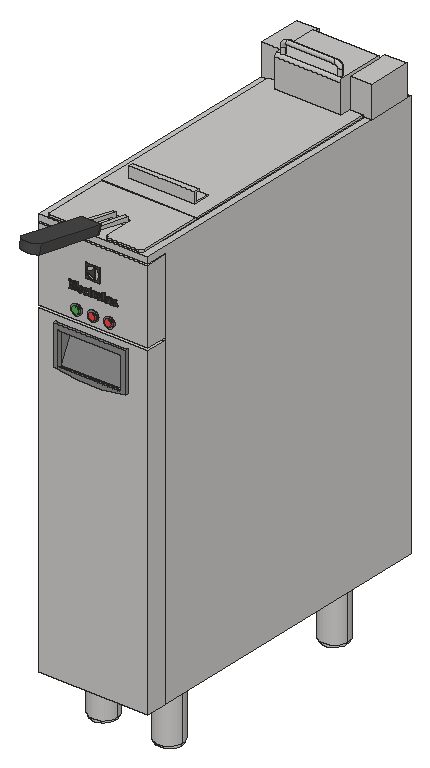
Revit family "QF_ELECTROLUXPROFESSIONAL_285562_EXFRPB1BWQ", category Specialty Equipment, Revit 2018
Family settings
  Round Connector Dimension = Use Diameter
  Part Type = Normal
  Work Plane-Based = No
  Always vertical = Yes
  Cut with Voids When Loaded = No
  Shared = No
  Room Calculation Point = No
Parameters
  Weight = 0.00 kg
  Watts = 0 W
  Volts = 240 V
  URL Manufacturer = "http://professional.electrolux.com/"
  URL = "http://professional.electrolux.com/"
  Steam Supply Size = 0"
  Steam Supply Minimum Pressure = 0.00 psi
  Steam Supply Maximum Pressure = 0.00 psi
  Steam Pounds per Hour = 0
  Show Logo [instance] = yes
  Show Clearance [instance] = yes
  Refrigeration Suction Line Size = 0"
  Refrigeration Liquid Line Size = 0"
  Refrigerant Compressor Remote = yes
  Phase = 1
  Model = "EXFRPB1BWQ"
  Manufacturer = "Electrolux"
  Length Actual = 200 mm  # constant formula
  Item Number = "285562"
  Hot Water Size = 0"
  Height Actual = 930 mm  # constant formula
  HP = "9.9 HP"
  Gas Size = 0"
  Gas KW = 0
  Gas Input Pressure = 0.0 Btu/h
  Direct Waste Size = 0"
  Description = "9LT EL.FRYER-1WELL+1BASKET+OIL PUMP"
  Depth Actual = 600 mm  # constant formula
  Cycle = 0 Hz
  Condensate Return Size = 0"
  Compressed Air Volume = 0 GPM
  Compressed Air Size = 0"
  Compressed Air Pressure = 0.00 psi
  Cold Water Size = 0"
  Accessory = yes
Reference planes
  plane 1 "BACK": y = 0
  plane 2: z = 0
  plane 3 "LEFT": x = 0
  plane 4 "RIGHT": x = 200
  plane 5 "FRONT": y = -600
  plane 6 "TOP": z = 907
  plane 7 "Center Y": x = 100
  plane 8 "Center X": y = -300
  plane 9 "TOP A": z = 850
  plane 10: z = 100
  plane 11: y = -124
  plane 12: y = -501
  plane 13: y = -943
  plane 14: x = 160
  plane 15: x = 40
  plane 16: z = 915.999
  plane 17: z = 935
  plane 18: x = 155
  plane 19: y = -781
  plane 20: y = -755
  plane 21: y = 95
  plane 22: z = 700
  plane 23: x = 40
  plane 24: z = 935
Forms (mm)
  Extrusion 1, solid, material "QF_Finishes_Stainless Steel"
    sketch origin (0, 0, 0) x (0, 1, 0) y (0, 0, 1)
      loop
        line (0, 850) -> (-600, 850) -> (-600, 838.077) -> (-560.15, 838.077) -> (-560.15, 100) -> (0, 100) -> (0, 850)
      loop
        line (-600, 695) -> (-600, 100) -> (-561.737, 100) -> (-561.737, 695) -> (-600, 695)
      loop
        line (-561.737, 700) -> (-561.737, 835) -> (-600, 835) -> (-600, 700) -> (-561.737, 700)
    from 0 to 200
  Extrusion 2, void
    sketch origin (0, 0, 850) x (-1, 0, 0) y (0, -1, 0)
      loop
        line (-10.5, 88.124) -> (-10.5, 550.573) -> (-189.691, 550.573) -> (-189.691, 88.124) -> (-10.5, 88.124)
    from 0 to -150
  Extrusion 3, solid, material "QF_Clearances", visible <- "Show Clearance", detail levels coarse
    sketch origin (0, 0, 0) x (1, 0, 0) y (0, 1, 0)
      loop
        line (0, 0) -> (200, 0) -> (200, 95) -> (0, 95) -> (0, 0)
    from 0 to 907
  Extrusion 4, solid, material "QF_Door-Drawer Clearances", visible <- "Show Clearance", detail levels coarse
    sketch origin (0, 0, 850) x (-1, 0, 0) y (0, -1, 0)
      loop
        line (-190.5, 600) -> (-9.5, 600)
        arc (-9.5, 600) -> (-62.514, 727.986) -> (-190.5, 781) r 181
        line (-190.5, 781) -> (-190.5, 600)
    from -750 to -155
  Extrusion 5, solid, material "QF_Finishes_Stainless Steel"
    sketch origin (100, -139.304, 888.806) x (0, 1, 0) y (-1, 0, 0)
      loop
        line (49.304, 100) -> (49.304, 60) -> (129.304, 60) -> (129.304, 100) -> (49.304, 100)
      loop
        line (49.304, -100) -> (129.304, -100) -> (129.304, -60) -> (49.304, -60) -> (49.304, -100)
    from -38.806 to 18.194
  Revolve 6, solid, material "QF_Finishes_Stainless Steel"
    sketch origin (0, -501, 608.09) x (0, 0, 1) y (1, 0, 0)
      loop
        line (-608.09, 40) -> (-608.09, 17.609) -> (-603.09, 17.609) -> (-603.09, 15) -> (-508.09, 15) -> (-508.09, 40) -> (-608.09, 40)
      axis (-608.09, 40) -> (-508.09, 40)
    angle from 0 to 360
  Extrusion 7, solid, material "QF_Finishes_Stainless Steel"
    sketch origin (0, 600, 100) x (-1, 0, 0) y (0, 1, 0)
      loop
        circle (-155, -650) r 6.35
    from 0 to 8
  Revolve 8, solid, material "QF_Finishes_Stainless Steel"
    sketch origin (200, -501, 608.09) x (0, 0, 1) y (1, 0, 0)
      loop
        line (-608.09, -40) -> (-508.09, -40) -> (-508.09, -15) -> (-603.09, -15) -> (-603.09, -17.609) -> (-608.09, -17.609) -> (-608.09, -40)
      axis (-608.09, -40) -> (-508.09, -40)
    angle from 0 to 360
  Revolve 9, solid, material "QF_Finishes_Stainless Steel"
    sketch origin (0, -124, 608.09) x (0, 0, 1) y (-1, 0, 0)
      loop
        line (-608.09, -40) -> (-508.09, -40) -> (-508.09, -15) -> (-603.09, -15) -> (-603.09, -17.609) -> (-608.09, -17.609) -> (-608.09, -40)
      axis (-608.09, -40) -> (-508.09, -40)
    angle from 0 to 360
  Revolve 10, solid, material "QF_Finishes_Stainless Steel"
    sketch origin (200, -124, 608.09) x (0, 0, 1) y (-1, 0, 0)
      loop
        line (-608.09, 40) -> (-608.09, 17.609) -> (-603.09, 17.609) -> (-603.09, 15) -> (-508.09, 15) -> (-508.09, 40) -> (-608.09, 40)
      axis (-608.09, 40) -> (-508.09, 40)
    angle from 0 to 360
  Extrusion 11, void
    sketch origin (0, 0, 0) x (0, 1, 0) y (0, 0, 1)
      loop
        line (-600, 615) -> (-570, 675) -> (-600, 675) -> (-600, 615)
    from 40 to 155
  Extrusion 12, solid, material "QF_Finishes_grey"
    sketch origin (0, -600, 695) x (0, 0, -1) y (1, 0, 0)
      loop
        line (20, 40) -> (80, 40) -> (80, 155) -> (20, 155) -> (20, 40)
      loop
        line (10, 32) -> (82.581, 32)
        arc (82.581, 32) -> (90.011, 97.5) -> (82.581, 163) r 292.45
        line (82.581, 163) -> (10, 163) -> (10, 32)
    from 0 to 5
  Extrusion 13, solid, material "QF_Finishes_Red"
    sketch origin (39.327, -600, 649.266) x (0, 0, 1) y (-1, 0, 0)
      loop
        circle (68.272, -60.648) r 6.35
    from 0 to 3.175
  Extrusion 14, solid, material "QF_Finishes_grey"
    sketch origin (0, -600, 700) x (0, 0, 1) y (-1, 0, 0)
      loop
        circle (17.537, -99.975) r 6.35
      loop
        circle (17.537, -99.975) r 9.35
    from 0 to 1.394
  Extrusion 15, solid, material "QF_Finishes_Red"
    sketch origin (69.327, -600, 649.266) x (0, 0, 1) y (-1, 0, 0)
      loop
        circle (68.272, -60.648) r 6.35
    from 0 to 3.175
  Extrusion 16, solid, material "QF_Finishes_grey"
    sketch origin (30, -600, 700) x (0, 0, 1) y (-1, 0, 0)
      loop
        circle (17.537, -99.975) r 6.35
      loop
        circle (17.537, -99.975) r 9.35
    from 0 to 1.394
  Extrusion 17, solid, material "QF_Finishes_Green"
    sketch origin (9.327, -600, 649.266) x (0, 0, 1) y (-1, 0, 0)
      loop
        circle (68.272, -60.648) r 6.35
    from 0 to 3.175
  Extrusion 18, solid, material "QF_Finishes_grey"
    sketch origin (-30, -600, 700) x (0, 0, 1) y (-1, 0, 0)
      loop
        circle (17.537, -99.975) r 6.35
      loop
        circle (17.537, -99.975) r 9.35
    from 0 to 1.394
  Extrusion 19, solid, material "QF_Finishes_Black", visible <- "Show Logo"
    sketch origin (-109.987, -600, 729.585) x (0, 0, 1) y (-1, 0, 0)
      loop
        arc (33.355, -167.066) -> (33.007, -166.709) -> (32.64, -167.047) r 0.358
        arc (32.64, -167.047) -> (32.326, -167.797) -> (31.609, -168.182) r 1.216
        line (31.609, -168.182) -> (21.197, -168.182)
        arc (21.197, -168.182) -> (20.537, -167.904) -> (20.141, -167.308) r 1.238
        arc (20.141, -167.308) -> (19.746, -167.057) -> (19.44, -167.411) r 0.358
        line (19.44, -167.411) -> (19.44, -177.29) -> (22.191, -177.29) -> (22.191, -176.393)
        arc (22.191, -176.393) -> (21.282, -175.813) -> (20.827, -174.836) r 1.928
        line (20.827, -174.836) -> (20.827, -172.337)
        arc (20.827, -172.337) -> (21.102, -171.608) -> (21.791, -171.244) r 1.101
        line (21.791, -171.244) -> (25.877, -171.244) -> (25.877, -174.917)
        arc (25.877, -174.917) -> (25.525, -175.414) -> (24.959, -175.642) r 1.083
        arc (24.959, -175.642) -> (24.696, -175.948) -> (24.988, -176.226) r 0.292
        line (24.988, -176.226) -> (27.95, -176.226)
        arc (27.95, -176.226) -> (28.253, -175.953) -> (28.014, -175.623) r 0.305
        arc (28.014, -175.623) -> (27.524, -175.375) -> (27.219, -174.917) r 1.083
        line (27.219, -174.917) -> (27.219, -171.244) -> (31.896, -171.244) -> (31.896, -174.991)
        arc (31.896, -174.991) -> (31.682, -175.747) -> (31.075, -176.245) r 1.314
        arc (31.075, -176.245) -> (30.856, -176.649) -> (31.211, -176.941) r 0.361
        line (31.211, -176.941) -> (33.355, -176.941) -> (33.355, -167.066)
      loop
        arc (32.638, -177.722) -> (32.257, -178.641) -> (31.339, -179.021) r 1.299
        line (31.339, -179.021) -> (21.76, -179.021)
        arc (21.76, -179.021) -> (20.922, -178.643) -> (20.65, -177.765) r 1.118
        line (20.65, -177.765) -> (19.44, -177.765) -> (19.44, -183.115) -> (20.629, -183.115)
        arc (20.629, -183.115) -> (20.9, -182.198) -> (21.77, -181.802) r 1.153
        line (21.77, -181.802) -> (33.843, -181.802) -> (32.638, -177.722)
      loop
        line (24.405, -185.751) -> (24.405, -192.198) -> (25.204, -192.198)
        arc (25.204, -192.198) -> (27.785, -191.214) -> (29.053, -188.76) r 3.874
        line (29.053, -188.76) -> (29.053, -187)
        arc (29.053, -187) -> (27.867, -184.135) -> (25.002, -182.949) r 4.051
        line (25.002, -182.949) -> (22.994, -182.949)
        arc (22.994, -182.949) -> (20.176, -184.434) -> (19.124, -187.441) r 4.352
        arc (19.124, -187.441) -> (19.489, -189.904) -> (20.866, -191.978) r 5.713
        line (20.866, -191.978) -> (21.815, -191.978)
        arc (21.815, -191.978) -> (21.082, -190.409) -> (20.866, -188.691) r 5.579
        arc (20.866, -188.691) -> (21.66, -186.728) -> (23.539, -185.751) r 3.057
        line (23.539, -185.751) -> (24.405, -185.751)
      loop
        line (25.665, -185.751) -> (25.665, -189.333)
        arc (25.665, -189.333) -> (27.121, -189.38) -> (28.004, -188.221) r 1.59
        line (28.004, -188.221) -> (28.004, -187.391)
        arc (28.004, -187.391) -> (27.14, -186.136) -> (25.665, -185.751) r 2.184
      loop
        arc (28.455, -201.616) -> (28.944, -199.942) -> (29.102, -198.205) r 9.023
        line (29.102, -198.205) -> (29.102, -196.843)
        arc (29.102, -196.843) -> (27.942, -194.043) -> (25.143, -192.883) r 3.959
        line (25.143, -192.883) -> (22.543, -192.883)
        arc (22.543, -192.883) -> (20.261, -194.176) -> (19.143, -196.548) r 4.331
        line (19.143, -196.548) -> (19.143, -198.684)
        arc (19.143, -198.684) -> (19.652, -200.234) -> (20.573, -201.58) r 5.772
        arc (20.573, -201.58) -> (21.335, -201.631) -> (21.422, -200.872) r 0.553
        arc (21.422, -200.872) -> (21.034, -200.138) -> (20.9, -199.319) r 2.573
        line (20.9, -199.319) -> (20.9, -197.804)
        arc (20.9, -197.804) -> (21.906, -196.162) -> (23.72, -195.52) r 2.884
        line (23.72, -195.52) -> (24.999, -195.52)
        arc (24.999, -195.52) -> (26.82, -196.08) -> (27.747, -197.745) r 2.554
        line (27.747, -197.745) -> (27.747, -198.798)
        arc (27.747, -198.798) -> (27.415, -199.726) -> (26.758, -200.461) r 2.564
        arc (26.758, -200.461) -> (26.537, -201.178) -> (27.146, -201.616) r 0.643
        line (27.146, -201.616) -> (28.455, -201.616)
      loop
        line (27.437, -201.886) -> (27.437, -203.387) -> (21.389, -203.387)
        arc (21.389, -203.387) -> (19.801, -204.045) -> (19.143, -205.633) r 2.246
        line (19.143, -205.633) -> (19.143, -207.217)
        arc (19.143, -207.217) -> (19.457, -208.081) -> (19.958, -208.853) r 4.06
        arc (19.958, -208.853) -> (20.69, -208.986) -> (20.942, -208.285) r 0.576
        arc (20.942, -208.285) -> (20.836, -207.759) -> (20.9, -207.227) r 1.69
        arc (20.9, -207.227) -> (21.441, -206.439) -> (22.348, -206.136) r 1.506
        line (22.348, -206.136) -> (27.486, -206.136) -> (27.486, -208.533) -> (28.042, -209.089) -> (28.864, -209.089) -> (28.864, -206.23) -> (32.095, -206.23) -> (27.437, -201.886)
      loop
        line (19.361, -209.987) -> (19.361, -215.374) -> (20.471, -215.374)
        arc (20.471, -215.374) -> (20.865, -214.423) -> (21.816, -214.029) r 1.345
        line (21.816, -214.029) -> (25.432, -214.029)
        arc (25.432, -214.029) -> (26.197, -214.621) -> (26.486, -215.543) r 1.615
        line (26.486, -215.543) -> (26.486, -217.099) -> (29.042, -217.784) -> (29.042, -216.401) -> (27.099, -213.842) -> (28.98, -213.842) -> (28.695, -211.136)
        arc (28.695, -211.136) -> (28.256, -210.606) -> (27.597, -210.807) r 0.621
        arc (27.597, -210.807) -> (27.197, -211.149) -> (26.703, -211.332) r 1.501
        line (26.703, -211.332) -> (21.816, -211.332)
        arc (21.816, -211.332) -> (20.865, -210.938) -> (20.471, -209.987) r 1.345
        line (20.471, -209.987) -> (19.361, -209.987)
      loop
        line (25.463, -217.321) -> (22.771, -217.321)
        arc (22.771, -217.321) -> (20.325, -218.629) -> (19.191, -221.159) r 4.288
        arc (19.191, -221.159) -> (19.128, -222.54) -> (19.191, -223.92) r 15.022
        arc (19.191, -223.92) -> (20.325, -226.451) -> (22.771, -227.758) r 4.288
        line (22.771, -227.758) -> (25.463, -227.758)
        arc (25.463, -227.758) -> (27.908, -226.451) -> (29.042, -223.92) r 4.288
        arc (29.042, -223.92) -> (29.106, -222.54) -> (29.042, -221.159) r 15.022
        arc (29.042, -221.159) -> (27.908, -218.629) -> (25.463, -217.321) r 4.288
      loop
        line (25.668, -220.435) -> (22.566, -220.435)
        arc (22.566, -220.435) -> (20.409, -222.592) -> (22.566, -224.749) r 2.157
        line (22.566, -224.749) -> (25.668, -224.749)
        arc (25.668, -224.749) -> (27.824, -222.592) -> (25.668, -220.435) r 2.157
      loop
        arc (32.648, -227.616) -> (32.278, -228.51) -> (31.384, -228.881) r 1.264
        line (31.384, -228.881) -> (21.52, -228.881)
        arc (21.52, -228.881) -> (20.65, -228.484) -> (20.378, -227.568) r 1.153
        line (20.378, -227.568) -> (19.44, -227.568) -> (19.44, -232.676) -> (20.369, -232.676)
        arc (20.369, -232.676) -> (20.728, -231.904) -> (21.52, -231.589) r 1.153
        line (21.52, -231.589) -> (33.843, -231.589) -> (32.648, -227.616)
      loop
        arc (27.769, -232.214) -> (27.569, -233.278) -> (26.6, -233.76) r 1.215
        line (26.6, -233.76) -> (21.58, -233.76)
        arc (21.58, -233.76) -> (19.966, -234.407) -> (19.245, -235.99) r 2.338
        line (19.245, -235.99) -> (19.245, -237.505)
        arc (19.245, -237.505) -> (19.419, -238.509) -> (19.922, -239.395) r 2.979
        line (19.922, -239.395) -> (19.44, -241.192) -> (19.44, -242.88) -> (28.866, -242.88) -> (28.572, -238.677) -> (27.786, -238.677)
        arc (27.786, -238.677) -> (27.43, -239.513) -> (26.678, -240.022) r 1.605
        line (26.678, -240.022) -> (21.575, -240.022)
        arc (21.575, -240.022) -> (21.154, -239.085) -> (21.082, -238.061) r 2.94
        arc (21.082, -238.061) -> (21.643, -236.96) -> (22.796, -236.517) r 1.724
        line (22.796, -236.517) -> (28.992, -236.517) -> (27.769, -232.214)
      loop
        line (28.797, -243.734) -> (27.125, -245.78) -> (23.951, -248.086) -> (20.494, -244.974)
        arc (20.494, -244.974) -> (20.257, -244.58) -> (20.28, -244.121) r 0.789
        line (20.28, -244.121) -> (19.44, -244.121) -> (19.44, -247.666) -> (20.267, -247.666)
        arc (20.267, -247.666) -> (20.609, -247.304) -> (21.099, -247.396) r 0.52
        line (21.099, -247.396) -> (22.899, -248.867) -> (20.781, -250.243)
        arc (20.781, -250.243) -> (20.38, -249.933) -> (20.293, -249.433) r 0.7
        line (20.293, -249.433) -> (19.44, -249.433) -> (19.44, -255.36) -> (20.327, -255.36)
        arc (20.327, -255.36) -> (20.394, -254.701) -> (20.789, -254.17) r 1.247
        line (20.789, -254.17) -> (24.989, -250.889) -> (27.436, -252.942) -> (28.797, -254.684) -> (28.797, -250.96) -> (27.312, -251.383) -> (25.79, -250.106) -> (27.491, -248.916) -> (28.797, -249.692) -> (28.797, -243.734)
      loop
        line (70.086, -213.413) -> (47.032, -213.413)
        arc (47.032, -213.413) -> (58.559, -221.935) -> (70.086, -213.413) r 12.057
      loop
        arc (70.086, -212.24) -> (67.907, -202.653) -> (59.227, -198.033) r 11.816
        line (59.227, -198.033) -> (59.227, -201.847)
        arc (59.227, -201.847) -> (61.993, -208.661) -> (68.417, -212.24) r 11.075
        line (68.417, -212.24) -> (70.086, -212.24)
      loop
        arc (48.441, -212.24) -> (54.864, -208.661) -> (57.63, -201.847) r 11.075
        line (57.63, -201.847) -> (57.63, -198.058)
        arc (57.63, -198.058) -> (49.006, -202.72) -> (46.669, -212.24) r 12.096
        line (46.669, -212.24) -> (48.441, -212.24)
      loop
        line (71.344, -197.158) -> (45.722, -197.158) -> (45.722, -222.815) -> (71.344, -222.815) -> (71.344, -197.158)
    from 0 to 1.644
  Sweep 20, solid, material "QF_Finishes_Stainless Steel"
    path origin (-1.25, 52.5, 0) x (1, 0, 0) y (0, 0, 1)
      loop
        line (51.187, 910.561) -> (51.187, 921.65)
        arc (51.187, 921.65) -> (53.047, 926.14) -> (57.537, 928) r 6.35
        line (57.537, 928) -> (145.725, 928)
        arc (145.725, 928) -> (149.508, 926.433) -> (151.075, 922.65) r 5.35
        line (151.075, 922.65) -> (151.075, 910.561)
    profile origin (49.937, 52.5, 916.105) x (-1, 0, 0) y (0, -1, 0)
      loop
        circle (2.09, 153.254) r 3.827
  Extrusion 21, solid, material "QF_Finishes_Stainless Steel"
    sketch origin (0, 65, 0) x (0, 1, 0) y (0, 0, 1)
      loop
        line (-88.124, 910.561) -> (-170, 910.561)
        arc (-170, 910.561) -> (-173.536, 909.096) -> (-175, 905.561) r 5
        line (-175, 905.561) -> (-175, 850) -> (-88.124, 850) -> (-88.124, 910.561)
    from 40 to 160
  Extrusion 22, solid, material "QF_Finishes_Mesh"
    sketch origin (178.262, -64.779, 844.25) x (-1, 0, 0) y (0, -1, 0)
      loop
        arc (123.4, 118.481) -> (141.36, 125.92) -> (148.8, 143.881) r 25.4
        line (148.8, 143.881) -> (148.8, 376.11)
        arc (148.8, 376.11) -> (141.36, 394.071) -> (123.4, 401.51) r 25.4
        line (123.4, 401.51) -> (33.125, 401.51)
        arc (33.125, 401.51) -> (15.164, 394.071) -> (7.725, 376.11) r 25.4
        line (7.725, 376.11) -> (7.725, 143.881)
        arc (7.725, 143.881) -> (15.164, 125.92) -> (33.125, 118.481) r 25.4
        line (33.125, 118.481) -> (123.4, 118.481)
      loop
        arc (123.4, 121.656) -> (139.115, 128.165) -> (145.625, 143.881) r 22.225
        line (145.625, 143.881) -> (145.625, 376.11)
        arc (145.625, 376.11) -> (139.115, 391.826) -> (123.4, 398.335) r 22.225
        line (123.4, 398.335) -> (33.125, 398.335)
        arc (33.125, 398.335) -> (17.409, 391.826) -> (10.9, 376.11) r 22.225
        line (10.9, 376.11) -> (10.9, 143.881)
        arc (10.9, 143.881) -> (17.409, 128.165) -> (33.125, 121.656) r 22.225
        line (33.125, 121.656) -> (123.4, 121.656)
    from -109 to -5.315
  Extrusion 23, solid, material "QF_Finishes_Black"
    sketch origin (234.175, -818.725, 918.681) x (0, 0.980628, -0.195878) y (-1, 0, 0)
      loop
        arc (79.035, 152.655) -> (68.808, 134.038) -> (79.035, 115.42) r 22.059
        line (79.035, 115.42) -> (214.834, 115.42)
        arc (214.834, 115.42) -> (217.308, 116.446) -> (218.334, 118.92) r 3.5
        line (218.334, 118.92) -> (218.334, 149.146)
        arc (218.334, 149.146) -> (217.306, 151.628) -> (214.824, 152.655) r 3.509
        line (214.824, 152.655) -> (79.035, 152.655)
    from -15.884 to 0
  Extrusion 24, solid, material "QF_Finishes_Stainless Steel"
    sketch origin (0, 0, 850) x (0, -1, 0) y (1, 0, 0)
      loop
        arc (90, 18.5) -> (91.464, 14.964) -> (95, 13.5) r 5
        line (95, 13.5) -> (472, 13.5) -> (472, 186.691) -> (95, 186.691)
        arc (95, 186.691) -> (91.464, 185.227) -> (90, 181.691) r 5
        line (90, 181.691) -> (90, 165)
        arc (90, 165) -> (91.464, 161.464) -> (95, 160) r 5
        line (95, 160) -> (110, 160) -> (110, 40) -> (95, 40)
        arc (95, 40) -> (91.464, 38.536) -> (90, 35) r 5
        line (90, 35) -> (90, 18.5)
      loop
        line (473, 186.691) -> (473, 13.5) -> (592, 13.5)
        arc (592, 13.5) -> (595.536, 14.964) -> (597, 18.5) r 5
        line (597, 18.5) -> (597, 75.55)
        arc (597, 75.55) -> (595.536, 79.086) -> (592, 80.55) r 5
        line (592, 80.55) -> (543.238, 80.55)
        arc (543.238, 80.55) -> (539.703, 82.014) -> (538.238, 85.55) r 5
        line (538.238, 85.55) -> (538.238, 114.641)
        arc (538.238, 114.641) -> (539.703, 118.177) -> (543.238, 119.641) r 5
        line (543.238, 119.641) -> (592, 119.641)
        arc (592, 119.641) -> (595.536, 121.106) -> (597, 124.641) r 5
        line (597, 124.641) -> (597, 181.691)
        arc (597, 181.691) -> (595.536, 185.227) -> (592, 186.691) r 5
        line (592, 186.691) -> (473, 186.691)
    from 0 to 3
  Extrusion 25, solid, material "QF_Finishes_Stainless Steel"
    sketch origin (166.074, -30.154, 119.93) x (0, 0.984808, 0.173648) y (0, -0.173648, 0.984808)
      loop
        line (-380.327, 769.003) -> (-372.194, 815.127) -> (-436.107, 840.041) -> (-438.413, 834.124) -> (-379.351, 811.102) -> (-387.692, 763.803) -> (-308.907, 749.911) -> (-307.796, 756.214) -> (-380.327, 769.003)
    from -80.476 to -74.619
  Extrusion 26, solid, material "QF_Finishes_Stainless Steel"
    sketch origin (34.2, -30.154, 119.93) x (0, 0.984808, 0.173648) y (0, 0.173648, -0.984808)
      loop
        line (-372.194, -815.127) -> (-380.327, -769.003) -> (-307.796, -756.214) -> (-308.907, -749.911) -> (-387.692, -763.803) -> (-379.351, -811.102) -> (-438.413, -834.124) -> (-436.107, -840.041) -> (-372.194, -815.127)
    from -80.476 to -74.619
  Extrusion 27, solid, material "QF_Finishes_Stainless Steel"
    sketch origin (13.5, -88.124, 850) x (0, -1, 0) y (0, 0, 1)
      loop
        line (354.876, 3) -> (354.876, 23) -> (346.126, 23) -> (346.126, 20) -> (351.876, 20) -> (351.876, 5) -> (324.876, 5) -> (324.876, 3) -> (354.876, 3)
    from -26.5 to -146.5
Cuts and joins
  Extrusion 2, Extrusion 11 cuts Extrusion 1
  Extrusion 11 cuts Extrusion 4
Lines and regions (mm)
  symbolic lines, style "QF_Clearances", visible <- "Show Clearance", detail levels coarse
    curve 1: line (200, 95, 850) -> (0, 95, 850)
  symbolic lines
    curve 2: line (0, -600, 850) -> (0, 0, 850)
    curve 3: line (190.5, -90, 850) -> (190.5, -600, 850)
    curve 4: line (11.548, -90, 850) -> (11.548, -597, 850)
    curve 5: line (11.548, -597, 850) -> (75.55, -597, 850)
    curve 6: line (124.641, -597, 850) -> (188.452, -597, 850)
    curve 7: line (188.452, -597, 850) -> (188.452, -90, 850)
    curve 8: line (200, -90, 850) -> (160, -90, 850)
    curve 9: line (200, -600, 850) -> (0, -600, 850)
    curve 11: line (40, -23.124, 850) -> (40, -110, 850)
    curve 12: line (40, -110, 850) -> (160, -110, 850)
    curve 13: line (160, -110, 850) -> (160, -23.124, 850)
    curve 14: line (40, -23.124, 850) -> (160, -23.124, 850)
    curve 15: line (40, -88.124, 850) -> (160, -88.124, 850)
    curve 16: line (40, -90, 850) -> (0, -90, 850)
    curve 17: line (0, 0, 850) -> (200, 0, 850)
    curve 19: line (47.824, -96.927, 850) -> (151.941, -96.927, 850)
    curve 20: line (151.941, -104.585, 850) -> (47.824, -104.585, 850)
    curve 21: arc (151.941, -96.927, 850) -> (155.77, -100.756, 850) -> (151.941, -104.585, 850) r 3.829
    curve 22: arc (47.824, -96.927, 850) -> (43.995, -100.756, 850) -> (47.824, -104.585, 850) r 3.829
    curve 23: line (40, -23.124, 0) -> (40, -10, 0)
    curve 24: line (40, -10, 0) -> (0, -10, 0)
    curve 25: line (0, -10, 0) -> (0, -90, 0)
    curve 26: line (160, -23.124, 0) -> (160, -10, 0)
    curve 27: line (160, -10, 0) -> (200, -10, 0)
    curve 28: line (200, 0, 0) -> (200, -600, 0)
    curve 29: arc (119.641, -592, 0) -> (121.106, -595.536, 0) -> (124.641, -597, 0) r 5
    curve 30: line (119.641, -543.238, 0) -> (119.641, -592, 0)
    curve 31: arc (114.641, -538.238, 0) -> (118.177, -539.703, 0) -> (119.641, -543.238, 0) r 5
    curve 32: line (85.55, -538.238, 0) -> (114.641, -538.238, 0)
    curve 33: arc (80.55, -543.238, 0) -> (82.014, -539.703, 0) -> (85.55, -538.238, 0) r 5
    curve 34: line (80.55, -592, 0) -> (80.55, -543.238, 0)
    curve 35: arc (75.55, -597, 0) -> (79.086, -595.536, 0) -> (80.55, -592, 0) r 5
    curve 36: line (81.52, -608.062, 0) -> (81.52, -744.332, 0)
    curve 37: spline (85.029, -604.621, 0) -> (84.571, -604.65, 0) -> (84.121, -604.738, 0) -> (83.686, -604.883, 0) -> (83.274, -605.082, 0) -> (82.893, -605.332, 0) -> (82.547, -605.628, 0) -> (82.245, -605.967, 0) -> (81.99, -606.341, 0) -> (81.787, -606.745, 0) -> (81.639, -607.171, 0) -> (81.55, -607.613, 0) -> (81.52, -608.062, 0)
    curve 38: line (115.255, -604.621, 0) -> (85.029, -604.621, 0)
    curve 39: spline (118.755, -608.053, 0) -> (118.725, -607.605, 0) -> (118.635, -607.164, 0) -> (118.488, -606.739, 0) -> (118.286, -606.337, 0) -> (118.031, -605.963, 0) -> (117.729, -605.626, 0) -> (117.385, -605.33, 0) -> (117.005, -605.08, 0) -> (116.594, -604.882, 0) -> (116.16, -604.738, 0) -> (115.711, -604.65, 0) -> (115.255, -604.621, 0)
    curve 40: line (118.755, -744.332, 0) -> (118.755, -608.053, 0)
    curve 41: spline (118.755, -744.332, 0) -> (116.522, -747.213, 0) -> (113.832, -749.688, 0) -> (110.758, -751.689, 0) -> (107.387, -753.16, 0) -> (103.814, -754.059, 0) -> (100.137, -754.361, 0) -> (96.461, -754.059, 0) -> (92.887, -753.16, 0) -> (89.516, -751.689, 0) -> (86.443, -749.688, 0) -> (83.752, -747.213, 0) -> (81.52, -744.332, 0)
    curve 42: line (13.5, -592, 0) -> (13.5, -473, 0)
    curve 43: line (13.5, -473, 0) -> (186.691, -473, 0)
    curve 44: line (186.691, -473, 0) -> (186.691, -592, 0)
    curve 45: arc (181.691, -597, 0) -> (185.227, -595.536, 0) -> (186.691, -592, 0) r 5
    curve 46: arc (13.5, -592, 0) -> (14.964, -595.536, 0) -> (18.5, -597, 0) r 5
    curve 47: line (13.5, -472, 0) -> (186.691, -472, 0)
    curve 48: line (186.691, -472, 0) -> (186.691, -95, 0)
    curve 49: line (13.5, -95, 0) -> (13.5, -472, 0)
    curve 50: arc (40, -95, 0) -> (38.536, -91.464, 0) -> (35, -90, 0) r 5
    curve 51: arc (18.5, -90, 0) -> (14.964, -91.464, 0) -> (13.5, -95, 0) r 5
    curve 52: arc (165, -90, 0) -> (161.464, -91.464, 0) -> (160, -95, 0) r 5
    curve 53: arc (186.691, -95, 0) -> (185.227, -91.464, 0) -> (181.691, -90, 0) r 5
    curve 54: line (63.625, -600, 0) -> (63.625, -603.175, 0)
    curve 55: line (63.625, -603.175, 0) -> (76.325, -603.175, 0)
    curve 56: line (76.325, -603.175, 0) -> (76.325, -600, 0)
    curve 57: line (106.325, -603.175, 0) -> (106.325, -600, 0)
    curve 58: line (106.325, -603.175, 0) -> (93.625, -603.175, 0)
    curve 59: line (91.456, -538.238, 0) -> (91.456, -604.621, 0)
    curve 60: line (108.819, -538.238, 0) -> (108.819, -604.621, 0)
    curve 61: line (114.676, -538.238, 0) -> (114.676, -604.621, 0)
    curve 62: line (85.599, -538.238, 0) -> (85.599, -604.621, 0)
    curve 63: line (93.625, -603.175, 0) -> (93.625, -600, 0)
    curve 64: line (136.325, -603.175, 0) -> (123.625, -603.175, 0)
    curve 65: line (123.625, -603.175, 0) -> (123.625, -600, 0)
    curve 66: line (136.325, -603.175, 0) -> (136.325, -600, 0)
    curve 67: line (45, -413, 0) -> (155, -413, 0)
    curve 68: line (40, -443, 0) -> (40, -418, 0)
    curve 69: line (160, -443, 0) -> (40, -443, 0)
    curve 70: line (160, -418, 0) -> (160, -443, 0)
    curve 71: line (45, -434.25, 0) -> (155, -434.25, 0)
    curve 72: arc (40, -418, 0) -> (41.464, -414.464, 0) -> (45, -413, 0) r 5
    curve 73: arc (155, -413, 0) -> (158.536, -414.464, 0) -> (160, -418, 0) r 5
    curve 74: arc (40, -439.25, 0) -> (41.464, -435.714, 0) -> (45, -434.25, 0) r 5
    curve 75: arc (160, -439.25, 0) -> (158.536, -435.714, 0) -> (155, -434.25, 0) r 5
  symbolic lines, style "QF_Door-Drawer Clearances"
    curve 10: line (190.5, -781, 850) -> (190.5, -600, 850)
    curve 18: arc (9.5, -600, 0) -> (62.514, -727.986, 0) -> (190.5, -781, 0) r 181
Dimensions and locks
  equal spacing: plane 3 "LEFT", plane 7 "Center Y", plane 4 "RIGHT"
  plane 3 "LEFT" to plane 4 "RIGHT" = 200 mm
  equal spacing: plane 5 "FRONT", plane 8 "Center X", plane 1 "BACK"
  plane 5 "FRONT" to plane 1 "BACK" = 600 mm  (x2)
  plane 1 "BACK" to plane 5 "FRONT" = 600 mm
  plane 10 to level = 100 mm  (x2)
  plane 1 "BACK" to plane 11 = 124 mm
  plane 11 to plane 12 = 377 mm
  locked: plane 12 to cut or joined group of Extrusion 1, Extrusion 2, Extrusion 11 at 99
  locked: plane 13 to plane 5 "FRONT" at 343
  plane 4 "RIGHT" to plane 14 = 40 mm
  plane 15 to plane 3 "LEFT" = 40 mm
  plane 16 to plane 9 "TOP A" = 65.999 mm
  plane 9 "TOP A" to plane 17 = 85 mm
  plane 4 "RIGHT" to plane 3 "LEFT" = 200 mm
  plane 9 "TOP A" to plane 10 = 750 mm
  plane 6 "TOP" to level = 907 mm
  Extrusion 7 sketch curve to plane 1 "BACK" = 50 mm
  Extrusion 7 sketch curve to plane 4 "RIGHT" = 45 mm
  plane 10 to Extrusion 7 = 8 mm  (x2)
  plane 18 to plane 4 "RIGHT" = 45 mm
  plane 1 "BACK" to Extrusion 7 = 50 mm
  plane 5 "FRONT" to plane 19 = 181 mm
  plane 5 "FRONT" to plane 20 = 155 mm
  curve 1 to plane 1 "BACK" = 95 mm
  plane 9 "TOP A" to Extrusion 3 = 850 mm
  Revolve 6 sketch curve to Revolve 6 sketch curve = 25 mm
  Revolve 8 sketch curve to Revolve 8 sketch curve = 25 mm
  Revolve 9 sketch curve to Revolve 9 sketch curve = 25 mm
  Revolve 10 sketch curve to Revolve 10 sketch curve = 25 mm
  plane 1 "BACK" to plane 20 = 755 mm
  aligned and locked: level to plane 2
  aligned and locked: plane 4 "RIGHT" to Extrusion 1
  aligned and locked: plane 6 "TOP" to Extrusion 3
  aligned and locked: plane 6 "TOP" to Extrusion 5
  aligned and locked: plane 12 to Revolve 6
  aligned and locked: Extrusion 3 sketch curve to plane 21
  aligned and locked: Extrusion 3 to plane 3 "LEFT"
  aligned and locked: plane 4 "RIGHT" to Extrusion 3
  aligned and locked: Extrusion 2 to Extrusion 1
  aligned and locked: cut or joined group of Extrusion 1, Extrusion 2, Extrusion 11 to Extrusion 4
  aligned and locked: plane 15 to Revolve 6 sketch curve
  aligned and locked: Extrusion 11 sketch curve to plane 5 "FRONT"
  aligned and locked: Extrusion 5 sketch curve to Extrusion 5 sketch curve  (x2)
Automatic sketch dimensions
  Revolve 6 sketch curve to level = 0 mm
  Revolve 6 sketch curve to plane 10 = 0 mm  (x2)
  plane 15 to Revolve 6 sketch curve = 0 mm
  level to Revolve 6 sketch curve = 5 mm
  Revolve 6 sketch curve to Revolve 6 sketch curve = 2.609 mm
  plane 10 to Revolve 6 sketch curve = 20 mm
  Revolve 8 sketch curve to level = 0 mm
  Revolve 8 sketch curve to plane 10 = 0 mm  (x2)
  plane 14 to Revolve 8 sketch curve = 0 mm  (x2)
  level to Revolve 8 sketch curve = 5 mm
  Revolve 8 sketch curve to Revolve 8 sketch curve = 2.609 mm
  plane 10 to Revolve 8 sketch curve = 20 mm
  Revolve 9 sketch curve to level = 0 mm
  Revolve 9 sketch curve to plane 10 = 0 mm  (x2)
  Revolve 9 sketch curve to plane 15 = 0 mm  (x2)
  level to Revolve 9 sketch curve = 5 mm
  Revolve 9 sketch curve to Revolve 9 sketch curve = 2.609 mm
  plane 10 to Revolve 9 sketch curve = 20 mm
  Revolve 10 sketch curve to level = 0 mm
  Revolve 10 sketch curve to plane 10 = 0 mm  (x2)
  Revolve 10 sketch curve to plane 14 = 0 mm  (x2)
  level to Revolve 10 sketch curve = 5 mm
  Revolve 10 sketch curve to Revolve 10 sketch curve = 2.609 mm
  plane 10 to Revolve 10 sketch curve = 20 mm
  plane 9 "TOP A" to Sweep 20 sketch curve = 60.561 mm  (x2)
  plane 16 to Sweep 20 sketch curve = 5.651 mm
  plane 15 to Sweep 20 sketch curve = 9.937 mm
  plane 17 to Sweep 20 sketch curve = 7 mm
  plane 18 to Sweep 20 sketch curve = 10.525 mm
  plane 18 to Sweep 20 sketch curve = 5.175 mm
  Sweep 20 sketch curve to profile plane = 2.09 mm
  profile plane to Sweep 20 sketch curve = 153.254 mm
  Extrusion 23 sketch curve to plane 7 "Center Y" = 18.48 mm
  Extrusion 23 sketch curve to Extrusion 23 sketch curve = 0 mm
  plane 7 "Center Y" to Extrusion 23 sketch curve = 0.137 mm
  Extrusion 23 sketch curve to Extrusion 23 sketch curve = 11.832 mm
  Extrusion 23 sketch curve to plane 7 "Center Y" = 14.971 mm
  Extrusion 23 sketch curve to Extrusion 23 sketch curve = 123.958 mm
  Extrusion 23 sketch curve to Extrusion 23 sketch curve = 3.5 mm
  Extrusion 1 sketch curve to plane 5 "FRONT" = 0 mm  (x3)
  Extrusion 1 sketch curve to plane 22 = 0 mm
  Extrusion 1 sketch curve to plane 10 = 0 mm  (x2)
  Extrusion 1 sketch curve to plane 1 "BACK" = 0 mm
  Extrusion 1 sketch curve to plane 9 "TOP A" = 0 mm
  Extrusion 1 sketch curve to plane 9 "TOP A" = 15 mm
  Extrusion 1 sketch curve to plane 5 "FRONT" = 38.263 mm
  Extrusion 1 sketch curve to Extrusion 1 sketch curve = 0 mm
  Extrusion 1 sketch curve to Extrusion 1 sketch curve = 1.588 mm
  Extrusion 1 sketch curve to plane 22 = 5 mm
  Extrusion 1 sketch curve to Extrusion 1 sketch curve = 3.077 mm
  Extrusion 2 sketch curve to plane 4 "RIGHT" = 10.309 mm
  plane 3 "LEFT" to Extrusion 2 sketch curve = 10.5 mm
  Extrusion 2 sketch curve to plane 11 = 35.876 mm
  Extrusion 2 sketch curve to plane 5 "FRONT" = 49.427 mm
  Extrusion 3 sketch curve to plane 3 "LEFT" = 0 mm
  Extrusion 3 sketch curve to plane 4 "RIGHT" = 0 mm
  plane 1 "BACK" to Extrusion 3 sketch curve = 0 mm
  Extrusion 4 sketch curve to plane 19 = 0 mm
  plane 5 "FRONT" to Extrusion 4 sketch curve = 0 mm
  Extrusion 4 sketch curve to plane 4 "RIGHT" = 9.5 mm
  Extrusion 5 sketch curve to plane 3 "LEFT" = 0 mm
  Extrusion 5 sketch curve to plane 14 = 0 mm
  Extrusion 5 sketch curve to plane 15 = 0 mm
  Extrusion 5 sketch curve to plane 4 "RIGHT" = 0 mm
  Extrusion 5 sketch curve to plane 11 = 34 mm
  plane 1 "BACK" to Extrusion 5 sketch curve = 10 mm
  Extrusion 1 to Extrusion 11 sketch curve = 8.263 mm
  Extrusion 1 to Extrusion 11 sketch curve = 80 mm
  Extrusion 1 to Extrusion 11 sketch curve = 20 mm
  Extrusion 1 to Extrusion 12 sketch curve = 97.5 mm
  Extrusion 12 sketch curve to Extrusion 1 = 202.439 mm
  Extrusion 1 to Extrusion 12 sketch curve = 10 mm
  Extrusion 12 sketch curve to Extrusion 12 sketch curve = 10 mm
  Extrusion 12 sketch curve to Extrusion 12 sketch curve = 60 mm
  Extrusion 12 sketch curve to Extrusion 12 sketch curve = 2.581 mm  (x2)
  Extrusion 1 to Extrusion 12 sketch curve = 40 mm
  Extrusion 12 sketch curve to Extrusion 12 sketch curve = 8 mm  (x2)
  Extrusion 13 sketch curve to plane 7 "Center Y" = 0.025 mm
  plane 22 to Extrusion 13 sketch curve = 17.537 mm
  Extrusion 14 sketch curve to Extrusion 14 sketch curve = 0 mm  (x12)
  Extrusion 1 to Extrusion 14 sketch curve = 17.537 mm
  Extrusion 1 to Extrusion 14 sketch curve = 99.975 mm
  Extrusion 14 sketch curve to Extrusion 14 sketch curve = 6.35 mm
  Extrusion 14 sketch curve to Extrusion 14 sketch curve = 3 mm
  plane 22 to Extrusion 15 sketch curve = 17.537 mm
  plane 18 to Extrusion 15 sketch curve = 25.025 mm
  Extrusion 16 sketch curve to Extrusion 16 sketch curve = 0 mm  (x12)
  Extrusion 1 to Extrusion 16 sketch curve = 17.537 mm
  Extrusion 1 to Extrusion 16 sketch curve = 70.025 mm
  Extrusion 16 sketch curve to Extrusion 16 sketch curve = 6.35 mm
  Extrusion 16 sketch curve to Extrusion 16 sketch curve = 3 mm
  plane 22 to Extrusion 17 sketch curve = 17.537 mm
  plane 15 to Extrusion 17 sketch curve = 29.975 mm
  Extrusion 18 sketch curve to Extrusion 18 sketch curve = 0 mm  (x12)
  Extrusion 1 to Extrusion 18 sketch curve = 17.537 mm
  Extrusion 1 to Extrusion 18 sketch curve = 69.975 mm
  Extrusion 18 sketch curve to Extrusion 18 sketch curve = 6.35 mm
  Extrusion 18 sketch curve to Extrusion 18 sketch curve = 3 mm
  Extrusion 19 sketch curve to plane 7 "Center Y" = 0 mm
  plane 7 "Center Y" to Extrusion 19 sketch curve = 12.553 mm
  plane 22 to Extrusion 19 sketch curve = 43.669 mm
  Extrusion 19 sketch curve to plane 7 "Center Y" = 4.354 mm
  Extrusion 19 sketch curve to Extrusion 19 sketch curve = 5.06 mm
  Extrusion 19 sketch curve to Extrusion 19 sketch curve = 0 mm  (x17)
  Extrusion 19 sketch curve to Extrusion 19 sketch curve = 5.162 mm
  Extrusion 19 sketch curve to Extrusion 19 sketch curve = 0.218 mm
  Extrusion 19 sketch curve to Extrusion 19 sketch curve = 0.195 mm
  Extrusion 19 sketch curve to Extrusion 19 sketch curve = 0.297 mm
  Extrusion 19 sketch curve to Extrusion 19 sketch curve = 5.357 mm
  Extrusion 19 sketch curve to Extrusion 19 sketch curve = 0.358 mm
  plane 18 to Extrusion 19 sketch curve = 25.592 mm
  Extrusion 19 sketch curve to Extrusion 19 sketch curve = 0.481 mm
  Extrusion 19 sketch curve to Extrusion 19 sketch curve = 0.936 mm
  Extrusion 19 sketch curve to Extrusion 19 sketch curve = 0.826 mm
  Extrusion 19 sketch curve to Extrusion 19 sketch curve = 0.839 mm
  Extrusion 19 sketch curve to Extrusion 19 sketch curve = 0.852 mm
  Extrusion 19 sketch curve to Extrusion 19 sketch curve = 0.887 mm
  Extrusion 19 sketch curve to Extrusion 19 sketch curve = 0.928 mm
  Extrusion 19 sketch curve to Extrusion 19 sketch curve = 0.938 mm
  Extrusion 19 sketch curve to Extrusion 19 sketch curve = 1.259 mm
  Extrusion 19 sketch curve to Extrusion 19 sketch curve = 1.11 mm  (x3)
  plane 18 to Extrusion 19 sketch curve = 20.013 mm
  Extrusion 19 sketch curve to Extrusion 19 sketch curve = 0.215 mm
  Extrusion 19 sketch curve to Extrusion 19 sketch curve = 1.188 mm
  Extrusion 19 sketch curve to Extrusion 19 sketch curve = 1.21 mm  (x2)
  Extrusion 19 sketch curve to Extrusion 19 sketch curve = 0.503 mm
  plane 18 to Extrusion 19 sketch curve = 14.744 mm
  Extrusion 19 sketch curve to Extrusion 19 sketch curve = 0.488 mm
  plane 18 to Extrusion 19 sketch curve = 10.817 mm
  Extrusion 19 sketch curve to Extrusion 19 sketch curve = 0.462 mm
  Extrusion 19 sketch curve to Extrusion 19 sketch curve = 1.029 mm
  Extrusion 19 sketch curve to Extrusion 19 sketch curve = 1.723 mm
  Extrusion 19 sketch curve to Extrusion 19 sketch curve = 0.821 mm
  Extrusion 19 sketch curve to Extrusion 19 sketch curve = 0.199 mm
  Extrusion 19 sketch curve to Extrusion 19 sketch curve = 0.081 mm
  Extrusion 19 sketch curve to Extrusion 19 sketch curve = 0.743 mm
  plane 18 to Extrusion 19 sketch curve = 17.591 mm
  Extrusion 19 sketch curve to Extrusion 19 sketch curve = 0.329 mm
  Extrusion 19 sketch curve to Extrusion 19 sketch curve = 1.398 mm
  Extrusion 19 sketch curve to Extrusion 19 sketch curve = 0.129 mm
  Extrusion 19 sketch curve to Extrusion 19 sketch curve = 0.408 mm
  Extrusion 19 sketch curve to Extrusion 19 sketch curve = 1.141 mm  (x2)
  Extrusion 19 sketch curve to Extrusion 19 sketch curve = 1.151 mm
  Extrusion 19 sketch curve to Extrusion 19 sketch curve = 0.768 mm
  Extrusion 19 sketch curve to Extrusion 19 sketch curve = 1.653 mm
  Extrusion 19 sketch curve to Extrusion 19 sketch curve = 0.061 mm
  Extrusion 19 sketch curve to Extrusion 19 sketch curve = 0.964 mm
  Extrusion 19 sketch curve to Extrusion 19 sketch curve = 0.949 mm
  Extrusion 19 sketch curve to Extrusion 19 sketch curve = 1.345 mm  (x2)
  plane 7 "Center Y" to Extrusion 19 sketch curve = 1.345 mm
  Extrusion 19 sketch curve to Extrusion 19 sketch curve = 1.101 mm
  Extrusion 19 sketch curve to Extrusion 19 sketch curve = 0.432 mm
  Extrusion 19 sketch curve to Extrusion 19 sketch curve = 0.643 mm  (x2)
  Extrusion 19 sketch curve to Extrusion 19 sketch curve = 0.959 mm
  Extrusion 19 sketch curve to Extrusion 19 sketch curve = 0.176 mm
  Extrusion 19 sketch curve to Extrusion 19 sketch curve = 0.728 mm
  Extrusion 19 sketch curve to Extrusion 19 sketch curve = 1.046 mm
  Extrusion 19 sketch curve to Extrusion 19 sketch curve = 0.541 mm
  Extrusion 19 sketch curve to Extrusion 19 sketch curve = 1.251 mm
  Extrusion 19 sketch curve to Extrusion 19 sketch curve = 0.955 mm
  Extrusion 19 sketch curve to Extrusion 19 sketch curve = 0.572 mm
  plane 18 to Extrusion 19 sketch curve = 16.12 mm
  Extrusion 19 sketch curve to Extrusion 19 sketch curve = 1.92 mm
  Extrusion 19 sketch curve to Extrusion 19 sketch curve = 1.224 mm
  Extrusion 19 sketch curve to Extrusion 19 sketch curve = 0.745 mm
  Extrusion 19 sketch curve to Extrusion 19 sketch curve = 2.537 mm
  Extrusion 19 sketch curve to Extrusion 19 sketch curve = 0.896 mm  (x3)
  Extrusion 19 sketch curve to Extrusion 19 sketch curve = 0.036 mm  (x2)
  Extrusion 19 sketch curve to Extrusion 19 sketch curve = 0.479 mm
  Extrusion 19 sketch curve to Extrusion 19 sketch curve = 0.066 mm
  Extrusion 19 sketch curve to Extrusion 19 sketch curve = 0.248 mm
  Extrusion 19 sketch curve to Extrusion 19 sketch curve = 0.449 mm
  plane 18 to Extrusion 19 sketch curve = 16.901 mm
  Extrusion 19 sketch curve to Extrusion 19 sketch curve = 1.052 mm
  Extrusion 19 sketch curve to Extrusion 19 sketch curve = 0.866 mm
  Extrusion 19 sketch curve to Extrusion 19 sketch curve = 1.31 mm  (x2)
  Extrusion 19 sketch curve to Extrusion 19 sketch curve = 0.901 mm
  Extrusion 19 sketch curve to Extrusion 19 sketch curve = 1.107 mm
  Extrusion 19 sketch curve to Extrusion 19 sketch curve = 2.122 mm
  Extrusion 19 sketch curve to Extrusion 19 sketch curve = 2.101 mm
  Extrusion 19 sketch curve to Extrusion 19 sketch curve = 0.134 mm
  plane 18 to Extrusion 19 sketch curve = 14.098 mm
  Extrusion 19 sketch curve to Extrusion 19 sketch curve = 2.09 mm
  Extrusion 19 sketch curve to Extrusion 19 sketch curve = 1.279 mm
  Extrusion 19 sketch curve to Extrusion 19 sketch curve = 0.18 mm
  Extrusion 19 sketch curve to Extrusion 19 sketch curve = 0.316 mm
  Extrusion 19 sketch curve to Extrusion 19 sketch curve = 0.382 mm
  Extrusion 19 sketch curve to Extrusion 19 sketch curve = 0.384 mm
  Extrusion 19 sketch curve to Extrusion 19 sketch curve = 0.002 mm
  Extrusion 19 sketch curve to Extrusion 19 sketch curve = 0.561 mm
  Extrusion 19 sketch curve to Extrusion 19 sketch curve = 0.592 mm
  Extrusion 19 sketch curve to Extrusion 19 sketch curve = 2.692 mm
  Extrusion 19 sketch curve to Extrusion 19 sketch curve = 0.46 mm
  plane 18 to Extrusion 19 sketch curve = 14.881 mm
  Extrusion 19 sketch curve to Extrusion 19 sketch curve = 0.802 mm
  Extrusion 19 sketch curve to Extrusion 19 sketch curve = 1.024 mm  (x2)
  Extrusion 19 sketch curve to Extrusion 19 sketch curve = 0.682 mm
  Extrusion 19 sketch curve to Extrusion 19 sketch curve = 2.186 mm
  Extrusion 19 sketch curve to plane 7 "Center Y" = 0.132 mm
  Extrusion 19 sketch curve to Extrusion 19 sketch curve = 1.005 mm
  Extrusion 19 sketch curve to Extrusion 19 sketch curve = 0.552 mm
  Extrusion 19 sketch curve to Extrusion 19 sketch curve = 0.778 mm
  Extrusion 19 sketch curve to Extrusion 19 sketch curve = 1.023 mm
  Extrusion 19 sketch curve to Extrusion 19 sketch curve = 1.137 mm
  Extrusion 19 sketch curve to Extrusion 19 sketch curve = 0.486 mm
  Extrusion 19 sketch curve to Extrusion 19 sketch curve = 0.266 mm
  plane 7 "Center Y" to Extrusion 19 sketch curve = 3.855 mm
  Extrusion 19 sketch curve to Extrusion 19 sketch curve = 1.667 mm
  plane 18 to Extrusion 19 sketch curve = 19.207 mm
  Extrusion 19 sketch curve to Extrusion 19 sketch curve = 3.174 mm
  Extrusion 19 sketch curve to Extrusion 19 sketch curve = 1.935 mm
  Extrusion 19 sketch curve to Extrusion 19 sketch curve = 1.342 mm
  plane 18 to Extrusion 19 sketch curve = 13.604 mm
  Extrusion 19 sketch curve to Extrusion 19 sketch curve = 1.521 mm
  plane 18 to Extrusion 19 sketch curve = 12.045 mm
  Extrusion 19 sketch curve to Extrusion 19 sketch curve = 0.124 mm
  Extrusion 19 sketch curve to Extrusion 19 sketch curve = 0.291 mm
  Extrusion 19 sketch curve to Extrusion 19 sketch curve = 0.048 mm
  plane 18 to Extrusion 19 sketch curve = 16.071 mm
  Extrusion 19 sketch curve to Extrusion 19 sketch curve = 1.7 mm
  Extrusion 19 sketch curve to Extrusion 19 sketch curve = 2.534 mm
  plane 7 "Center Y" to Extrusion 19 sketch curve = 22.227 mm
  Extrusion 19 sketch curve to Extrusion 19 sketch curve = 1.168 mm
  Extrusion 19 sketch curve to Extrusion 19 sketch curve = 1.594 mm
  Extrusion 19 sketch curve to Extrusion 19 sketch curve = 0.731 mm
  Extrusion 19 sketch curve to Extrusion 19 sketch curve = 1.566 mm
  Extrusion 19 sketch curve to plane 7 "Center Y" = 0.897 mm
  Extrusion 19 sketch curve to Extrusion 19 sketch curve = 0.556 mm  (x2)
  Extrusion 19 sketch curve to Extrusion 19 sketch curve = 1.375 mm
  Extrusion 19 sketch curve to Extrusion 19 sketch curve = 1.018 mm
  plane 18 to Extrusion 19 sketch curve = 26.31 mm
  Extrusion 19 sketch curve to Extrusion 19 sketch curve = 0.787 mm
  plane 7 "Center Y" to Extrusion 19 sketch curve = 1.149 mm
  Extrusion 19 sketch curve to Extrusion 19 sketch curve = 0.618 mm
  plane 18 to Extrusion 19 sketch curve = 10.303 mm
  Extrusion 19 sketch curve to Extrusion 19 sketch curve = 1.361 mm
  Extrusion 19 sketch curve to Extrusion 19 sketch curve = 0.822 mm
  plane 18 to Extrusion 19 sketch curve = 22.106 mm
  Extrusion 19 sketch curve to Extrusion 19 sketch curve = 0.069 mm
  Extrusion 19 sketch curve to Extrusion 19 sketch curve = 1.88 mm
  Extrusion 19 sketch curve to Extrusion 19 sketch curve = 0.42 mm
  Extrusion 19 sketch curve to Extrusion 19 sketch curve = 0.062 mm
  Extrusion 19 sketch curve to Extrusion 19 sketch curve = 1.049 mm
  Extrusion 19 sketch curve to Extrusion 19 sketch curve = 1.355 mm
  Extrusion 19 sketch curve to Extrusion 19 sketch curve = 2.34 mm
  Extrusion 19 sketch curve to Extrusion 19 sketch curve = 0.629 mm
  Extrusion 19 sketch curve to Extrusion 19 sketch curve = 0.128 mm
  Extrusion 19 sketch curve to Extrusion 19 sketch curve = 3.616 mm
  Extrusion 19 sketch curve to Extrusion 19 sketch curve = 4.207 mm
  Extrusion 19 sketch curve to Extrusion 19 sketch curve = 0.183 mm
  Extrusion 19 sketch curve to Extrusion 19 sketch curve = 0.287 mm
  Extrusion 19 sketch curve to plane 7 "Center Y" = 3.757 mm
  Extrusion 19 sketch curve to Extrusion 19 sketch curve = 3.231 mm
  plane 15 to Extrusion 19 sketch curve = 27.735 mm
  Extrusion 19 sketch curve to Extrusion 19 sketch curve = 1.299 mm
  plane 7 "Center Y" to Extrusion 19 sketch curve = 17.63 mm
  Extrusion 19 sketch curve to Extrusion 19 sketch curve = 1.264 mm
  Extrusion 19 sketch curve to Extrusion 19 sketch curve = 1.571 mm
  Extrusion 19 sketch curve to Extrusion 19 sketch curve = 0.717 mm
  plane 7 "Center Y" to Extrusion 19 sketch curve = 21.602 mm
  Extrusion 19 sketch curve to Extrusion 19 sketch curve = 2.459 mm
  Extrusion 19 sketch curve to plane 7 "Center Y" = 28.185 mm
  Extrusion 19 sketch curve to Extrusion 19 sketch curve = 2.504 mm
  Extrusion 19 sketch curve to Extrusion 19 sketch curve = 1.502 mm
  Extrusion 19 sketch curve to Extrusion 19 sketch curve = 13.627 mm
  Extrusion 19 sketch curve to Extrusion 19 sketch curve = 0.846 mm
  plane 7 "Center Y" to Extrusion 19 sketch curve = 2.253 mm
  Extrusion 19 sketch curve to Extrusion 19 sketch curve = 0.947 mm
  Extrusion 19 sketch curve to Extrusion 19 sketch curve = 0.363 mm
  Extrusion 19 sketch curve to Extrusion 19 sketch curve = 1.772 mm
  Extrusion 19 sketch curve to plane 7 "Center Y" = 8.139 mm
  Extrusion 19 sketch curve to Extrusion 19 sketch curve = 11.063 mm
  Extrusion 19 sketch curve to plane 7 "Center Y" = 0.159 mm
  Extrusion 19 sketch curve to Extrusion 19 sketch curve = 0.889 mm
  Extrusion 19 sketch curve to Extrusion 19 sketch curve = 0.04 mm
  Extrusion 19 sketch curve to Extrusion 19 sketch curve = 0.018 mm
  Extrusion 19 sketch curve to Extrusion 19 sketch curve = 1.597 mm
  Extrusion 19 sketch curve to Extrusion 19 sketch curve = 1.669 mm
  Extrusion 19 sketch curve to Extrusion 19 sketch curve = 0.204 mm
  Extrusion 19 sketch curve to Extrusion 19 sketch curve = 1.054 mm
  Extrusion 19 sketch curve to Extrusion 19 sketch curve = 0.983 mm
  Extrusion 19 sketch curve to Extrusion 19 sketch curve = 0.422 mm  (x2)
  Extrusion 19 sketch curve to Extrusion 19 sketch curve = 1.268 mm
  Extrusion 19 sketch curve to Extrusion 19 sketch curve = 0.671 mm
  Extrusion 19 sketch curve to Extrusion 19 sketch curve = 0.403 mm
  Extrusion 19 sketch curve to Extrusion 19 sketch curve = 0.586 mm
  Extrusion 19 sketch curve to Extrusion 19 sketch curve = 0.853 mm
  Extrusion 19 sketch curve to Extrusion 19 sketch curve = 1.689 mm
  Extrusion 19 sketch curve to Extrusion 19 sketch curve = 0.863 mm
  Extrusion 19 sketch curve to Extrusion 19 sketch curve = 0.736 mm
  Extrusion 19 sketch curve to Extrusion 19 sketch curve = 0.987 mm
  Extrusion 19 sketch curve to Extrusion 19 sketch curve = 0.419 mm
  Extrusion 19 sketch curve to Extrusion 19 sketch curve = 1.514 mm
  Extrusion 19 sketch curve to Extrusion 19 sketch curve = 1.019 mm
  Extrusion 19 sketch curve to Extrusion 19 sketch curve = 1.122 mm
  Extrusion 19 sketch curve to Extrusion 19 sketch curve = 1.153 mm
  Extrusion 19 sketch curve to Extrusion 19 sketch curve = 3.009 mm
  Extrusion 19 sketch curve to Extrusion 19 sketch curve = 1.223 mm
  Extrusion 19 sketch curve to Extrusion 19 sketch curve = 10.575 mm
  Extrusion 19 sketch curve to Extrusion 19 sketch curve = 0.934 mm
  Extrusion 19 sketch curve to Extrusion 19 sketch curve = 1.38 mm
  Extrusion 19 sketch curve to Extrusion 19 sketch curve = 1.039 mm
  Extrusion 19 sketch curve to Extrusion 19 sketch curve = 3.942 mm
  Extrusion 19 sketch curve to Extrusion 19 sketch curve = 3.114 mm
  Extrusion 19 sketch curve to Extrusion 19 sketch curve = 0.222 mm
  Extrusion 19 sketch curve to Extrusion 19 sketch curve = 1.383 mm
  Extrusion 19 sketch curve to Extrusion 19 sketch curve = 1.556 mm
  plane 7 "Center Y" to Extrusion 19 sketch curve = 3.426 mm
  Extrusion 19 sketch curve to Extrusion 19 sketch curve = 1.173 mm
  Extrusion 19 sketch curve to Extrusion 19 sketch curve = 0.065 mm
  plane 7 "Center Y" to Extrusion 19 sketch curve = 0.13 mm
  Extrusion 19 sketch curve to Extrusion 19 sketch curve = 0.05 mm
  Extrusion 19 sketch curve to plane 7 "Center Y" = 1.5 mm
  Extrusion 19 sketch curve to Extrusion 19 sketch curve = 0.795 mm
  Extrusion 19 sketch curve to Extrusion 19 sketch curve = 0.051 mm
  Extrusion 19 sketch curve to Extrusion 19 sketch curve = 1.584 mm
  Extrusion 19 sketch curve to Extrusion 19 sketch curve = 1.42 mm
  Extrusion 19 sketch curve to Extrusion 19 sketch curve = 0.137 mm
  Extrusion 19 sketch curve to Extrusion 19 sketch curve = 1.501 mm
  Extrusion 19 sketch curve to Extrusion 19 sketch curve = 0.27 mm
  Extrusion 19 sketch curve to Extrusion 19 sketch curve = 2.181 mm
  Extrusion 19 sketch curve to Extrusion 19 sketch curve = 1.887 mm
  Extrusion 19 sketch curve to Extrusion 19 sketch curve = 2.175 mm
  Extrusion 19 sketch curve to Extrusion 19 sketch curve = 0.635 mm
  Extrusion 19 sketch curve to Extrusion 19 sketch curve = 0.903 mm
  Extrusion 19 sketch curve to Extrusion 19 sketch curve = 0.916 mm
  Extrusion 19 sketch curve to Extrusion 19 sketch curve = 0.352 mm  (x3)
  Extrusion 19 sketch curve to Extrusion 19 sketch curve = 0.458 mm
  Extrusion 19 sketch curve to Extrusion 19 sketch curve = 0.386 mm
  Extrusion 19 sketch curve to Extrusion 19 sketch curve = 4.167 mm
  Extrusion 19 sketch curve to Extrusion 19 sketch curve = 1.282 mm
  Extrusion 19 sketch curve to Extrusion 19 sketch curve = 1.363 mm
  Extrusion 19 sketch curve to Extrusion 19 sketch curve = 0.685 mm
  Extrusion 19 sketch curve to Extrusion 19 sketch curve = 0.905 mm
  Extrusion 19 sketch curve to Extrusion 19 sketch curve = 2.865 mm
  Extrusion 19 sketch curve to Extrusion 19 sketch curve = 0.472 mm
  Extrusion 19 sketch curve to Extrusion 19 sketch curve = 0.549 mm
  Extrusion 19 sketch curve to Extrusion 19 sketch curve = 0.101 mm
  Extrusion 19 sketch curve to Extrusion 19 sketch curve = 0.54 mm
  Extrusion 19 sketch curve to Extrusion 19 sketch curve = 0.02 mm
  Extrusion 19 sketch curve to Extrusion 19 sketch curve = 0.468 mm
  Extrusion 19 sketch curve to Extrusion 19 sketch curve = 0.829 mm
  Extrusion 19 sketch curve to Extrusion 19 sketch curve = 0.582 mm
  Extrusion 19 sketch curve to Extrusion 19 sketch curve = 0.857 mm
  Extrusion 19 sketch curve to Extrusion 19 sketch curve = 1.313 mm
  Extrusion 19 sketch curve to Extrusion 19 sketch curve = 1.118 mm
  Extrusion 19 sketch curve to Extrusion 19 sketch curve = 0.475 mm
  Extrusion 19 sketch curve to Extrusion 19 sketch curve = 0.781 mm
  Extrusion 19 sketch curve to Extrusion 19 sketch curve = 0.361 mm
  Extrusion 19 sketch curve to Extrusion 19 sketch curve = 0.897 mm
  Extrusion 19 sketch curve to Extrusion 19 sketch curve = 0.167 mm
  Extrusion 19 sketch curve to Extrusion 19 sketch curve = 0.292 mm
  Extrusion 19 sketch curve to Extrusion 19 sketch curve = 0.305 mm
  Extrusion 19 sketch curve to Extrusion 19 sketch curve = 1.553 mm
  Extrusion 19 sketch curve to Extrusion 19 sketch curve = 1.004 mm
  Extrusion 19 sketch curve to Extrusion 19 sketch curve = 1.557 mm
  Extrusion 19 sketch curve to Extrusion 19 sketch curve = 2.499 mm
  Extrusion 19 sketch curve to Extrusion 19 sketch curve = 3.062 mm
  Extrusion 19 sketch curve to Extrusion 19 sketch curve = 0.771 mm
  Extrusion 19 sketch curve to Extrusion 19 sketch curve = 1.115 mm
  Extrusion 19 sketch curve to Extrusion 19 sketch curve = 1.202 mm
  Extrusion 19 sketch curve to Extrusion 19 sketch curve = 1.231 mm
  Extrusion 21 sketch curve to plane 9 "TOP A" = 0 mm
  Extrusion 21 sketch curve to plane 6 "TOP" = 1.439 mm
  Extrusion 21 sketch curve to plane 11 = 14 mm
  Extrusion 21 sketch curve to Extrusion 21 sketch curve = 5 mm
  plane 1 "BACK" to Extrusion 21 sketch curve = 23.124 mm
  Extrusion 22 sketch curve to Extrusion 22 sketch curve = 0 mm  (x8)
  plane 14 to Extrusion 22 sketch curve = 10.538 mm
  Extrusion 22 sketch curve to Extrusion 22 sketch curve = 3.175 mm
  plane 18 to Extrusion 22 sketch curve = 9.862 mm  (x2)
  plane 15 to Extrusion 22 sketch curve = 14.862 mm  (x2)
  Extrusion 22 sketch curve to plane 15 = 7.363 mm
  plane 11 to Extrusion 22 sketch curve = 59.26 mm
  Extrusion 22 sketch curve to plane 12 = 60.11 mm
  Extrusion 1 to Extrusion 24 sketch curve = 18.5 mm
  Extrusion 1 to Extrusion 24 sketch curve = 90 mm  (x2)
  Extrusion 1 to Extrusion 24 sketch curve = 18.309 mm  (x2)
  Extrusion 24 sketch curve to Extrusion 24 sketch curve = 5 mm  (x6)
  Extrusion 24 sketch curve to Extrusion 24 sketch curve = 15 mm
  Extrusion 24 sketch curve to Extrusion 1 = 128 mm
  Extrusion 24 sketch curve to Extrusion 24 sketch curve = 1 mm
  Extrusion 24 sketch curve to Extrusion 1 = 61.762 mm
  Extrusion 24 sketch curve to Extrusion 1 = 8 mm  (x4)
  Extrusion 24 sketch curve to Extrusion 1 = 3 mm  (x2)
  Extrusion 1 to Extrusion 24 sketch curve = 13.5 mm
  Extrusion 24 sketch curve to Extrusion 24 sketch curve = 16.5 mm
  Extrusion 24 sketch curve to Extrusion 24 sketch curve = 57.05 mm
  Extrusion 24 sketch curve to Extrusion 24 sketch curve = 29.091 mm
  Extrusion 24 sketch curve to Extrusion 24 sketch curve = 21.691 mm
  plane 9 "TOP A" to Extrusion 25 sketch curve = 15.252 mm
  plane 5 "FRONT" to Extrusion 25 sketch curve = 6.75 mm
  Extrusion 25 sketch curve to Extrusion 25 sketch curve = 2.306 mm
  Extrusion 25 sketch curve to Extrusion 25 sketch curve = 50.721 mm
  Extrusion 25 sketch curve to Extrusion 25 sketch curve = 7.365 mm
  Extrusion 25 sketch curve to Extrusion 25 sketch curve = 0.975 mm
  Extrusion 25 sketch curve to Extrusion 25 sketch curve = 7.158 mm
  Extrusion 25 sketch curve to Extrusion 25 sketch curve = 71.42 mm
  Extrusion 25 sketch curve to Extrusion 25 sketch curve = 1.111 mm
  Extrusion 25 sketch curve to Extrusion 25 sketch curve = 18.997 mm
  plane 9 "TOP A" to Extrusion 26 sketch curve = 15.252 mm
  plane 5 "FRONT" to Extrusion 26 sketch curve = 6.75 mm
  Extrusion 26 sketch curve to Extrusion 26 sketch curve = 2.306 mm
  Extrusion 26 sketch curve to Extrusion 26 sketch curve = 50.721 mm
  Extrusion 26 sketch curve to Extrusion 26 sketch curve = 7.365 mm
  Extrusion 26 sketch curve to Extrusion 26 sketch curve = 0.975 mm
